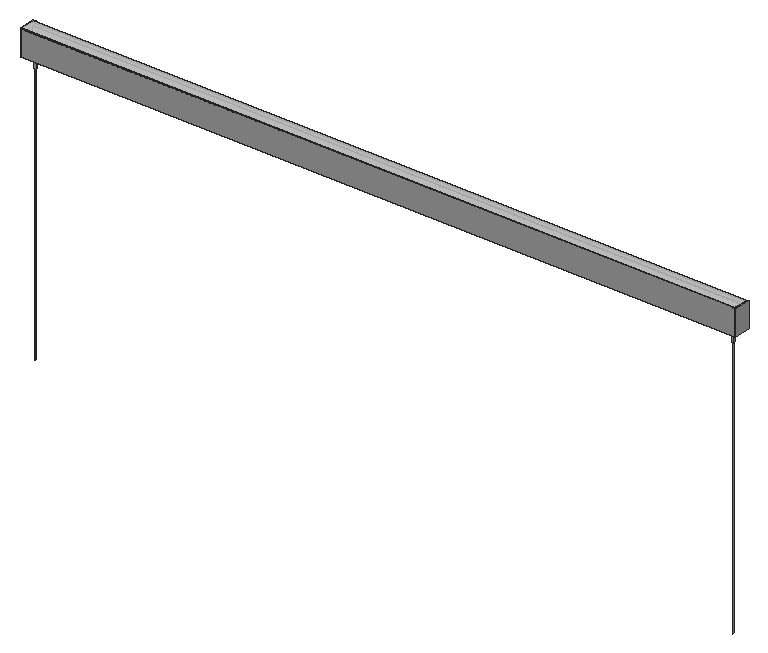
Revit family "2093103 Sylvania Lighting Fixture MC2-KIT D I 2-4M 4K DALI WHT PRIS", category Lighting Fixtures, host Face, Revit 2016
Family settings
  Host = Face
  Part Type = Normal
  Round Connector Dimension = Use Diameter
  OmniClass Number = 23.80.70.11.17
  OmniClass Title = Specialized Lighting by Location or Use
  Cut with Voids When Loaded = No
  Light Source = Yes
  Shared = No
  Room Calculation Point = No
Parameters (values of type "2093103 MC2-KIT D/I 2.4M 4K DALI WHT PRIS")
  Width_SYL = 54.0 mm
  Weight = "6.5 kg"
  Wattage = 64 W
  WarrantyStartDate [instance] = "n/a"
  WarrantyGuarantorParts = "n/a"
  WarrantyDurationUnit = "n/a"
  WarrantyDurationParts = "n/a"
  WarrantyDescription = "n/a"
  built-in parameter 1150110 = 1 (stored number, unit not read)
  Voltage = 0 V
  URL = "http://www.sylvania-lighting.com"
  TypeName = "MC2-KIT D/I 2.4M 4K DALI WHT PRIS"
  built-in parameter 1114217 = 1 (stored number, unit not read)
  Tilt Angle = -90.00°
  built-in parameter 1150109 = 1 (stored number, unit not read)
  built-in parameter 1150134 = 12
  built-in parameter 1150113 = 1 (stored number, unit not read)
  SerialNumber [instance] = "n/a"
  PowerFactor = 0.95
  PowerConsumption = "64 W"
  NominalWidth = 0.0 mm
  NominalLength = 2400.0 mm
  NominalHeight = 86.0 mm
  Name = "MC2-KIT D/I 2.4M 4K DALI WHT PRIS"
  ModelReference = "MC2-KIT D/I 2.4M 4K DALI WHT PRIS"
  ModelNumber = "2093103"
  Material_3_SYL = Metal_Sylvania_Mini Contiuum II_Silver
  Photometric Web File = "2093103.ies"
  Material_4_SYL = Metal_Sylvania_Mini Contiuum II_Silver
  MountingHeight_SYL [instance] = 1000.0 mm
  Material = "aluminium housing, polycarbonate diffuser"
  ManufacturerName = "Feilo Sylvania"
  LuminousEfficacy = "122 lm/W"
  LuminaireType = ""
  LightOutputRatio = "100"
  Length_SYL = 2400.0 mm
  LampsType = Lamp  # "LED"
  LampNominalLuminous = "7776 lm"
  LampMacAdamStep = "3"
  LampColourTemperature = "4000 K"
  LampColourRenderingIndex = "80"
  Keynote = "16500"
  InstallationDate [instance] = "n/a"
  InputVoltage = "n/a"
  InputNominalFrequency = "n/a"
  IngressProtection = "IP20"
  ImpactProtectionIndex = "n/a"
  IfcExportType = "IfcLightFixtureType"
  IfcExportAs = "IfcLightFixtureType"
  Height_SYL = 86.0 mm
  ExpectedLife = 50000
  EndCapRight_SYL = yes
  EndCapLeft_SYL = yes
  Emit from Rectangle Width = Width_SYL - 2.0 mm  # 52.0 mm
  Emit from Rectangle Length = Length_SYL  # 2400.0 mm
  Emit Shape Visible in Rendering = no
  ElectricShockClassification = "Class I"
  DurationUnit = "hours"
  DocumentationLiterature = "http://www.sylvania-lighting.com/product/en-int/products/2093103"
  DimmingControlOptions = "n/a"
  CreatedOn = "10/15/2018"
  CreatedBy = "@sylvania-lighting.com"
  built-in parameter 1114216 [instance] = 1 (stored number, unit not read)
  Model = "MC2-KIT D/I 2.4M 4K DALI WHT PRIS"
  Manufacturer = "Feilo Sylvania"
  built-in parameter 1150105 = 621.34 (stored number, unit not read)
  Lumens = 7808 lm
  built-in parameter 1150115 = 1 (stored number, unit not read)
  built-in parameter 1150137 = (empty or 0)
  built-in parameter 1150139 = (empty or 0)
  built-in parameter 1150112 = 1 (stored number, unit not read)
  built-in parameter 1150114 = 1 (stored number, unit not read)
  Lamp = "LED"
  built-in parameter 1150132 = 2
  built-in parameter 1150102 = (empty or 0)
  built-in parameter 1150107 = 4000 (stored number, unit not read)
  built-in parameter 1150138 = (empty or 0)
  built-in parameter 1150106 = 6.2134 (stored number, unit not read)
  Material_1_SYL = Metal_Sylvania_Mini Continuum II_White
  built-in parameter 1150104 = 11.334 (stored number, unit not read)
  Dimming Lamp Color Temperature Shift = <None>
  Material_2_SYL = Polycarbonate_Sylvania_Mini Continuum II_Opal_4000K
  Description = "2093103   MC2-KIT D/I 2.4M 4K DALI WHT PRIS  Continuous lines of LED light, white RAL 9016, direct/indirect distribution (65/35), suspended kit version is pre-wired and supplied complete with end caps and suspension cables, compact and minimalist design based on the Golden Mean, ideal for offices, meeting rooms, corridors, education facilities, museums and libraries, extruded aluminium body, diffuser: micro prismatic, colour temperature: 4000K neutral white, total system power: 64W, total fixture output: 7392lm, luminaire efficacy: 116lm/W, LOR: 100%, colour rendering: Ra >80, LED Chromacity: 1 step MacAdam ellipse, lifetime: 60,000 hours at 90% of the original output (L90), energy class: A++, A+, A, IR/UV free light source without heat radiation, operating voltage: 220-240V / 50-60Hz, drive current: (Direct) 800mA + (Indirect) 350mA, electronic driver, DALI dimmable, direct/indirect independently addressable, electrical protection: CLASS I, IP20, suitable for internal environment only."
  Default Elevation = 0.0 mm
  Color Filter = 16777215
  built-in parameter 1140040 [instance] = 1
  BarCode [instance] = "n/a"
  built-in parameter 1114218 = 1 (stored number, unit not read)
  built-in parameter 1150133 = 10 (stored number, unit not read)
  AssetType = "Fixed"
  AssetIdentifier [instance] = "n/a"
  Assembly Code = "D5020200"
  Apparent Load = 64 VA
Reference planes
  plane 1 "Center (Front/Back)": y = 0
  plane 2 "Bottom Fixtures": z = 0
  plane 3 "Center (Left/Right)": x = 0
  plane 4 "Fixture Left": x = -1200
  plane 5 "Fixture Right": x = 1200
  plane 6 "Fixture Bottom": z = 1000
  plane 7: z = 998
  plane 8: z = 996
  plane 9: z = 986.951
  plane 10: z = 956.951
  plane 11 "Fixture Top": z = 914
  plane 12 "Mounting Right": x = 1172
  plane 13 "Mounting Left": x = -1172
  plane 14: z = 879
  plane 15: y = 27
  plane 16: y = -27
  plane 17: y = -26
  plane 18: y = -25
  plane 19: y = 26
  plane 20: y = 25
  plane 21: y = 11
  plane 22: y = -11
  plane 23: y = 24
  plane 24: y = 22
  plane 25: y = -22
  plane 26: y = 15
  plane 27: y = -15
  plane 28 "Upper Diffuser Left": x = -1050
  plane 29 "Upper Diffuser Right": x = 1050
  plane 30: x = -1202
  plane 31: x = 1202
Forms (mm)
  Extrusion 1, solid, material "Metal_Sylvania_Mini Continuum II_White" <- "Material_1_SYL", detail levels fine
    sketch origin (0, 0, 520) x (0, 1, 0) y (0, 0, 1)
      loop
        line (27, 480) -> (26, 480) -> (26, 478) -> (25, 478) -> (25, 396) -> (13, 396) -> (13, 398) -> (-13, 398) -> (-13, 396) -> (-25, 396) -> (-25, 478) -> (-26, 478) -> (-26, 480) -> (-27, 480) -> (-27, 394) -> (-11, 394) -> (-11, 396) -> (11, 396) -> (11, 394) -> (27, 394) -> (27, 480)
    from -1200 to 1200
  Extrusion 2, solid, material "Polycarbonate_Sylvania_Mini Continuum II_Opal_4000K" <- "Material_2_SYL", detail levels fine
    sketch origin (0, 0, 520) x (0, 1, 0) y (0, 0, 1)
      loop
        line (-26, 480) -> (-26, 478) -> (26, 478) -> (26, 480) -> (-26, 480)
    from -1200 to 1200
  Extrusion 3, solid, material "Metal_Sylvania_Mini Contiuum II_Silver" <- "Material_3_SYL", detail levels fine
    sketch origin (0, 0, 520) x (0, 1, 0) y (0, 0, 1)
      loop
        line (22, 466.951) -> (20.973, 466.951) -> (14.206, 437.951) -> (11, 437.951) -> (11, 436.951) -> (15, 436.951) -> (22, 466.951)
      loop
        line (-15, 436.951) -> (-11, 436.951) -> (-11, 437.951) -> (-14.206, 437.951) -> (-20.973, 466.951) -> (-22, 466.951) -> (-15, 436.951)
    from -1200 to 1200
  Extrusion 4, solid, material "Metal_Sylvania_Mini Continuum II_White" <- "Material_1_SYL", detail levels coarse+medium
    sketch origin (0, 0, 520) x (0, 1, 0) y (0, 0, 1)
      loop
        line (-27, 480) -> (-27, 394) -> (27, 394) -> (27, 480) -> (-27, 480)
    from -1200 to 1200
  Extrusion 5, solid, material "Metal_Sylvania_Mini Contiuum II_Silver" <- "Material_4_SYL", detail levels fine
    sketch origin (0, 0, -86) x (-1, 0, 0) y (0, -1, 0)
      loop
        circle (1172, 0) r 4
      loop
        circle (-1172, 0) r 4
    from 965 to 1002
  Extrusion 6, solid, material "Metal_Sylvania_Mini Contiuum II_Silver" <- "Material_4_SYL", detail levels fine
    sketch origin (0, 0, -86) x (-1, 0, 0) y (0, -1, 0)
      loop
        circle (-1172, 0) r 1
      loop
        circle (1172, 0) r 1
    from 86 to 965
  Extrusion 7, solid, material "Polycarbonate_Sylvania_Mini Continuum II_Opal_4000K" <- "Material_2_SYL", detail levels fine
    sketch origin (0, 0, 0) x (0, 1, 0) y (0, 0, 1)
      loop
        arc (11, 916) -> (5.59, 914.504) -> (0, 914) r 31.25
        arc (0, 914) -> (-5.59, 914.504) -> (-11, 916) r 31.25
        line (-11, 916) -> (-11, 914.934)
        arc (-11, 914.934) -> (-5.584, 913.487) -> (0, 913) r 32.25
        arc (0, 913) -> (5.584, 913.487) -> (11, 914.934) r 32.25
        line (11, 914.934) -> (11, 916)
    from -1050 to 1050
  Extrusion 8, void
    sketch origin (0, 0, 0) x (0, 1, 0) y (0, 0, 1)
      loop
        line (11, 918) -> (-11, 918) -> (-11, 916) -> (11, 916) -> (11, 918)
    from -1050 to 1050
  Extrusion 9, solid, material "Metal_Sylvania_Mini Continuum II_White" <- "Material_1_SYL", visible <- "EndCapLeft_SYL"
    sketch origin (-1200, 171.684, 1219.2) x (0, 1, 0) y (0, 0, 1)
      loop
        line (-198.684, -305.2) -> (-144.684, -305.2) -> (-144.684, -219.2) -> (-198.684, -219.2) -> (-198.684, -305.2)
    from 0 to -2
  Extrusion 10, solid, material "Metal_Sylvania_Mini Continuum II_White" <- "Material_1_SYL", visible <- "EndCapRight_SYL"
    sketch origin (1200, 171.684, 1219.2) x (0, 1, 0) y (0, 0, -1)
      loop
        line (-144.684, 219.2) -> (-144.684, 305.2) -> (-198.684, 305.2) -> (-198.684, 219.2) -> (-144.684, 219.2)
    from 0 to -2
Cuts and joins
  Extrusion 8 cuts Extrusion 1
Lines and regions (mm)
  Masking region 1
    outline origin (0, 0, -86) x (-1, 0, 0) y (0, -1, 0)
      loop
        line (1200, -27) -> (1200, 27) -> (-1200, 27) -> (-1200, -27) -> (1200, -27)
  symbolic lines, detail levels fine
    curve 1: line (-1200, 26, -86) -> (1200, 26, -86)
    curve 2: line (-1200, -26, -86) -> (1200, -26, -86)
  model lines, detail levels coarse+medium
    curve 3: line (-1172, 0, 914) -> (-1172, 0, 0)
    curve 4: line (1172, 0, 914) -> (1172, 0, 0)
Dimensions and locks
  host sketch curve to plane 3 "Center (Left/Right)" to host sketch curve = 820.0 mm, 775.047 mm
  equal spacing: plane 4 "Fixture Left", plane 3 "Center (Left/Right)", plane 5 "Fixture Right"
  "Length_SYL": plane 4 "Fixture Left" to plane 5 "Fixture Right"
  plane 6 "Fixture Bottom" to plane 7 to plane 8 to plane 9 to plane 10 = 2.0 mm locked, 2.0 mm locked, 9.049 mm locked, 30.0 mm locked
  locked: Extrusion 1 sketch curve to Extrusion 1 sketch curve at 2
  locked: Extrusion 1 sketch curve to plane 11 "Fixture Top" at 2
  "Height_SYL": plane 6 "Fixture Bottom" to plane 11 "Fixture Top"
  locked: plane 12 "Mounting Right" to plane 5 "Fixture Right" at 28
  locked: plane 4 "Fixture Left" to plane 13 "Mounting Left" at 28
  locked: plane 11 "Fixture Top" to plane 14 at 35
  "MountingHeight_SYL": plane 6 "Fixture Bottom" to plane 2 "Bottom Fixtures"
  equal spacing: plane 15, plane 1 "Center (Front/Back)", plane 16
  "Width_SYL": plane 15 to plane 16
  plane 22 to plane 27 to plane 25 to plane 18 to plane 17 to plane 16 = 4.0 mm locked, 7.0 mm locked, 3.0 mm locked, 1.0 mm locked, 1.0 mm locked
  plane 15 to plane 19 to plane 20 to plane 23 to plane 24 to plane 26 to plane 21 = 1.0 mm locked, 1.0 mm locked, 1.0 mm locked, 2.0 mm locked, 7.0 mm locked, 4.0 mm locked
  locked: plane 4 "Fixture Left" to plane 28 "Upper Diffuser Left" at 150
  locked: plane 29 "Upper Diffuser Right" to plane 5 "Fixture Right" at 150
  equal spacing: plane 30, plane 3 "Center (Left/Right)", plane 31
  locked: plane 30 to plane 4 "Fixture Left" at 2
  aligned and locked: plane 2 "Bottom Fixtures" to host face
  aligned and locked: level to host face
  aligned and locked: plane 5 "Fixture Right" to curve 1
  aligned and locked: plane 4 "Fixture Left" to curve 1
  aligned and locked: plane 4 "Fixture Left" to curve 2
  aligned and locked: plane 5 "Fixture Right" to curve 2
  aligned and locked: Extrusion 1 sketch curve to plane 7
  aligned and locked: plane 6 "Fixture Bottom" to Extrusion 1 sketch curve  (x2)
  aligned and locked: plane 7 to Extrusion 1 sketch curve
  aligned and locked: Extrusion 1 to Extrusion 2 sketch curve
  aligned and locked: Extrusion 2 sketch curve to Extrusion 1  (x3)
  aligned and locked: Extrusion 3 sketch curve to plane 10
  aligned and locked: plane 9 to Extrusion 3 sketch curve
  aligned and locked: Extrusion 3 sketch curve to plane 9
  aligned and locked: Extrusion 4 sketch curve to plane 6 "Fixture Bottom"
  aligned and locked: Extrusion 4 to plane 4 "Fixture Left"
  aligned and locked: Extrusion 2 to plane 4 "Fixture Left"
  aligned and locked: Extrusion 3 to plane 4 "Fixture Left"
  aligned and locked: Extrusion 1 to plane 4 "Fixture Left"
  aligned and locked: Extrusion 4 to plane 5 "Fixture Right"
  aligned and locked: Extrusion 2 to plane 5 "Fixture Right"
  aligned and locked: Extrusion 3 to plane 5 "Fixture Right"
  aligned and locked: Extrusion 1 to plane 5 "Fixture Right"
  aligned and locked: plane 11 "Fixture Top" to Extrusion 4 sketch curve
  aligned and locked: Extrusion 1 sketch curve to plane 11 "Fixture Top"  (x2)
  aligned and locked: Extrusion 1 sketch curve to Extrusion 1 sketch curve
  aligned and locked: plane 6 "Fixture Bottom" to imposter light
  aligned and locked: plane 11 "Fixture Top" to curve 3
  aligned and locked: plane 2 "Bottom Fixtures" to curve 3
  aligned and locked: plane 11 "Fixture Top" to curve 4
  aligned and locked: plane 2 "Bottom Fixtures" to curve 4
  aligned and locked: curve 4 to plane 12 "Mounting Right"
  aligned and locked: curve 3 to plane 13 "Mounting Left"
  aligned and locked: Extrusion 5 to Extrusion 1
  aligned and locked: Extrusion 5 to plane 14
  aligned and locked: plane 14 to Extrusion 6
  aligned and locked: Extrusion 6 to level
  aligned and locked: plane 11 "Fixture Top" to Extrusion 7 sketch curve
  aligned and locked: Extrusion 7 to plane 28 "Upper Diffuser Left"
  aligned and locked: Extrusion 7 to plane 29 "Upper Diffuser Right"
  aligned and locked: plane 21 to Extrusion 3 sketch curve
  aligned and locked: Extrusion 3 sketch curve to plane 22
  aligned and locked: Extrusion 8 sketch curve to plane 21
  aligned and locked: Extrusion 8 sketch curve to plane 22
  aligned and locked: Extrusion 8 sketch curve to Extrusion 1  (x2)
  aligned and locked: Extrusion 8 to Extrusion 7  (x2)
  aligned and locked: plane 21 to Extrusion 7 sketch curve
  aligned and locked: plane 1 "Center (Front/Back)" to Extrusion 7 sketch curve
  aligned and locked: plane 22 to Extrusion 7 sketch curve
  aligned and locked: Extrusion 9 sketch curve to Extrusion 4  (x4)
  aligned and locked: Extrusion 9 to plane 30
  aligned and locked: plane 4 "Fixture Left" to Extrusion 9
  aligned and locked: Extrusion 10 sketch curve to Extrusion 4  (x4)
  aligned and locked: plane 31 to Extrusion 10
  aligned and locked: plane 5 "Fixture Right" to Extrusion 10
Automatic sketch dimensions
  host sketch curve to host sketch curve = 1047.463 mm
  plane 19 to curve 1 = 0.0 mm
  curve 2 to plane 17 = 0.0 mm
  Masking region 1 sketch curve to plane 5 "Fixture Right" = 0.0 mm
  Masking region 1 sketch curve to plane 4 "Fixture Left" = 0.0 mm
  plane 15 to Masking region 1 sketch curve = 0.0 mm
  Masking region 1 sketch curve to plane 16 = 0.0 mm
  Extrusion 1 sketch curve to plane 16 = 0.0 mm
  Extrusion 1 sketch curve to plane 17 = 0.0 mm
  Extrusion 1 sketch curve to plane 18 = 0.0 mm
  Extrusion 1 sketch curve to plane 22 = 0.0 mm
  Extrusion 1 sketch curve to plane 21 = 0.0 mm
  Extrusion 1 sketch curve to plane 20 = 0.0 mm
  Extrusion 1 sketch curve to plane 19 = 0.0 mm
  Extrusion 1 sketch curve to plane 15 = 0.0 mm
  plane 11 "Fixture Top" to Extrusion 1 sketch curve = 2.0 mm
  Extrusion 1 sketch curve to plane 22 = 2.0 mm
  Extrusion 1 sketch curve to plane 21 = 2.0 mm
  Extrusion 3 sketch curve to plane 25 = 0.0 mm
  Extrusion 3 sketch curve to plane 27 = 0.0 mm
  Extrusion 3 sketch curve to plane 26 = 0.0 mm
  Extrusion 3 sketch curve to plane 24 = 0.0 mm
  plane 10 to Extrusion 3 sketch curve = 1.0 mm
  Extrusion 3 sketch curve to Extrusion 3 sketch curve = 1.027 mm
  plane 27 to Extrusion 3 sketch curve = 0.794 mm
  plane 26 to Extrusion 3 sketch curve = 0.794 mm
  plane 24 to Extrusion 3 sketch curve = 1.027 mm
  Extrusion 4 sketch curve to plane 16 = 0.0 mm
  Extrusion 4 sketch curve to plane 15 = 0.0 mm
  plane 1 "Center (Front/Back)" to Extrusion 5 sketch curve = 0.0 mm  (x2)
  Extrusion 5 sketch curve to plane 12 "Mounting Right" = 0.0 mm
  Extrusion 5 sketch curve to plane 13 "Mounting Left" = 0.0 mm
  plane 1 "Center (Front/Back)" to Extrusion 6 sketch curve = 0.0 mm  (x2)
  Extrusion 6 sketch curve to plane 12 "Mounting Right" = 0.0 mm
  Extrusion 6 sketch curve to plane 13 "Mounting Left" = 0.0 mm
  Extrusion 7 sketch curve to Extrusion 7 sketch curve = 0.0 mm  (x4)
  plane 11 "Fixture Top" to Extrusion 7 sketch curve = 0.934 mm
  Extrusion 3 sketch curve to Extrusion 3 sketch curve = 0.0 mm
  Extrusion 3 sketch curve to plane 10 = 0.0 mm
  plane 11 "Fixture Top" to Extrusion 7 sketch curve = 2.0 mm
  radius of Extrusion 5 sketch curve = 4.0 mm  (x2)
  radius of Extrusion 6 sketch curve = 1.0 mm  (x2)
Connectors
  electrical at (1200, 0, 949), driven by "Apparent Load"
    settings: on Extrusion 1, index 1, voltage 230 V, apparent load 0 VA, apparent load phase1 64 VA, apparent load phase2 0 VA, apparent load phase3 0 VA, power factor 1, load classification "Lighting", number of poles 1, system type 31, power factor state 1, is connector primary yes, connector utility no, sub classification motor no, connector description ""
